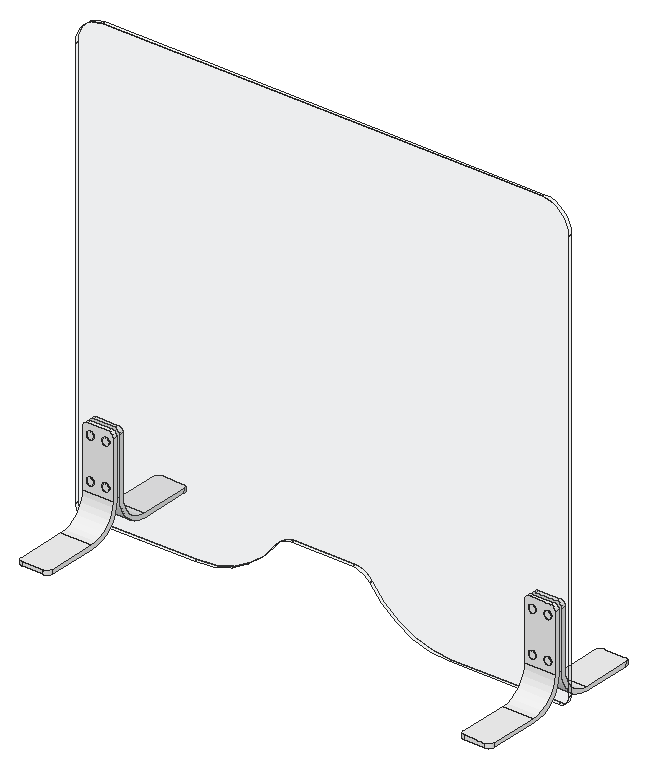
Revit family "Clarus_beShield_Freestanding_R20", category Furniture, host Face, Revit 2020
Family settings
  Host = Face
  Cut with Voids When Loaded = No
  Shared = No
  Room Calculation Point = No
Parameters (values of type "48" x 44"")
  Window [instance] = yes
  Width = 48"
  URL = "https://www.clarus.com/"
  TRC Standards [instance] = "http://therevitcollection.com/news/trc-news-the-revit-collection-standards-explained/"
  Shield [instance] = not(Window)  # no
  Product URL = "https://www.clarus.com/be-shield/"
  More Revit Families! [instance] = "www.therevitcollection.com"
  Modeled By = "Commense Studio"  # constant formula
  Model = "be! Shield"  # constant formula
  Manufacturer = "Clarus"  # constant formula
  Leg Finish [instance] = Clarus White
  Glass Depth = 3/8"
  Clarus Glass [instance] = Glass
  Description = "be! Shield is elegantly engineered to add a seamless layer of non-porous, antimicrobial tempered glass to ensure the health and safety of patrons and employees. It’s the perfect solution for the collaborative needs of your workspace."  # constant formula
  Height = 44"
  Designer = ""
  Depth = 17"
  Default Elevation = 0"
  Assembly Code = ""
Types (7): name | Width | Leg Finish | Height | Depth
  (no name) | 48" | Clarus White | 44" | 17"
  36" x 24" | 36" | Clarus Black | 24" | 12"
  48" x 24" | 48" | Clarus White | 24" | 12"
  36" x 34" | 36" | Clarus White | 34" | 12"
  48" x 34" | 48" | Clarus Black | 34" | 12"
  36" x 44" | 36" | Clarus Black | 44" | 17"
  48" x 44" | 48" | Clarus White | 44" | 17"
Reference planes (in)
  plane 1 "Center (Front/Back)": y = 0
  plane 2: z = 0
  plane 3 "Center (Left/Right)": x = 0
  plane 4 "L": x = -24
  plane 5 "R": x = 24
  plane 6 "B": y = 0.1875
  plane 7 "F": y = -0.1875
  plane 8: z = 44
  plane 9: x = 12.5
  plane 10: x = -12.5
  plane 11: z = 5.25
  plane 12: x = -21.5
  plane 13: x = 21.5
Forms (in)
  Extrusion 1, solid, material "Glass" <- "Clarus Glass", visible <- "Window"
    sketch origin (0, 0, 0) x (1, 0, 0) y (0, 0, 1)
      loop
        arc (-21.375, 44) -> (-23.23116, 43.23116) -> (-24, 41.375) r 2.625
        line (-24, 41.375) -> (-24, 1.25)
        arc (-24, 1.25) -> (-23.70711, 0.54289) -> (-23, 0.25) r 1
        line (-23, 0.25) -> (-12.42908, 0.25)
        arc (-12.42908, 0.25) -> (-7.99968, 1.34581) -> (-4.59213, 4.38043) r 9.5
        arc (-4.59213, 4.38043) -> (-3.87475, 5.0193) -> (-2.94225, 5.25) r 2
        line (-2.94225, 5.25) -> (2.94225, 5.25)
        arc (2.94225, 5.25) -> (3.87475, 5.0193) -> (4.59213, 4.38043) r 2
        arc (4.59213, 4.38043) -> (7.99968, 1.34581) -> (12.42908, 0.25) r 9.5
        line (12.42908, 0.25) -> (23, 0.25)
        arc (23, 0.25) -> (23.70711, 0.54289) -> (24, 1.25) r 1
        line (24, 1.25) -> (24, 41.375)
        arc (24, 41.375) -> (23.23116, 43.23116) -> (21.375, 44) r 2.625
        line (21.375, 44) -> (-21.375, 44)
    from -0.1875 to 0.1875
  Extrusion 2, solid, material "Glass" <- "Clarus Glass", visible <- "Shield"
    sketch origin (0, 0, 0) x (1, 0, 0) y (0, 0, 1)
      loop
        arc (-21.375, 44) -> (-23.23116, 43.23116) -> (-24, 41.375) r 2.625
        line (-24, 41.375) -> (-24, 1.25)
        arc (-24, 1.25) -> (-23.70711, 0.54289) -> (-23, 0.25) r 1
        line (-23, 0.25) -> (23, 0.25)
        arc (23, 0.25) -> (23.70711, 0.54289) -> (24, 1.25) r 1
        line (24, 1.25) -> (24, 41.375)
        arc (24, 41.375) -> (23.23116, 43.23116) -> (21.375, 44) r 2.625
        line (21.375, 44) -> (-21.375, 44)
    from -0.1875 to 0.1875
Dimensions and locks (in)
  equal spacing: plane 4 "L", plane 3 "Center (Left/Right)", plane 5 "R"
  "Width": plane 4 "L" to plane 5 "R"
  equal spacing: plane 7 "F", plane 1 "Center (Front/Back)", plane 6 "B"
  "Glass Depth": plane 7 "F" to plane 6 "B"
  "Height": plane 8 to level
  plane 10 to plane 3 "Center (Left/Right)" to plane 9 = 12 1/2", 12 1/2"
  plane 11 to level = 5 1/4"
  locked: plane 4 "L" to plane 12 at 2.5
  locked: plane 13 to plane 5 "R" at 2.5
  aligned and locked: plane 2 to host face
  aligned and locked: level to host face
  aligned and locked: Extrusion 1 sketch curve to plane 11
  aligned and locked: Extrusion 1 to plane 6 "B"
  aligned and locked: plane 7 "F" to Extrusion 1
  aligned and locked: nested 1 to plane 12
  aligned and locked: plane 13 to nested 2
  aligned and locked: plane 4 "L" to Extrusion 2 sketch curve
  aligned and locked: Extrusion 2 sketch curve to plane 5 "R"
  aligned and locked: Extrusion 2 sketch curve to plane 8
Automatic sketch dimensions
  host sketch curve to host sketch curve = 96"  (x2)
  Extrusion 1 sketch curve to plane 4 "L" = 0"
  Extrusion 1 sketch curve to plane 8 = 0"
  Extrusion 1 sketch curve to plane 5 "R" = 0"
  level to Extrusion 1 sketch curve = 1/4"  (x2)
  plane 4 "L" to Extrusion 1 sketch curve = 1"
  plane 4 "L" to Extrusion 1 sketch curve = 2 5/8"
  Extrusion 1 sketch curve to plane 3 "Center (Left/Right)" = 2.94225"
  plane 3 "Center (Left/Right)" to Extrusion 1 sketch curve = 2.94225"
  Extrusion 1 sketch curve to plane 9 = 0.07092"
  Extrusion 1 sketch curve to Extrusion 1 sketch curve = 2 5/8"
  Extrusion 1 sketch curve to plane 5 "R" = 1"
  Extrusion 1 sketch curve to plane 11 = 2"  (x2)
  plane 11 to Extrusion 1 sketch curve = 4 1/2"  (x2)
  Extrusion 1 sketch curve to plane 10 = 0.07092"
  level to Extrusion 2 sketch curve = 1/4"
  plane 4 "L" to Extrusion 2 sketch curve = 1"
  Extrusion 2 sketch curve to plane 12 = 1/8"
  Extrusion 2 sketch curve to plane 13 = 1/8"
  Extrusion 2 sketch curve to Extrusion 2 sketch curve = 1"
Nested families (in)
  nested 1: "Clarus_beShield_F&B_R18" at (-21.5, 0.5625, 0), Core Finish <- "Leg Finish", type "Front & Back 12""
    with TRC Standards "http://therevitcollection.com/news/trc-news-the-revit-collection-standards-explained/", More Revit Families! "www.therevitcollection.com", Core Finish Clarus White, D Control 8 1/2", Depth 17"
  nested 2: "Clarus_beShield_F&B_R18" at (21.5, 0.5625, 0), Core Finish <- "Leg Finish", type "Front & Back 12""
    with TRC Standards "http://therevitcollection.com/news/trc-news-the-revit-collection-standards-explained/", More Revit Families! "www.therevitcollection.com", Core Finish Clarus White, D Control 8 1/2", Depth 17"
Definition of nested family "Clarus_beShield_F&B_R18"
  Parameters (values of type "Front & Back 12"")
    Width = 3"  # constant formula
    URL = "https://www.clarus.com/"
    TRC Standards [instance] = "http://therevitcollection.com/news/trc-news-the-revit-collection-standards-explained/"
    Product URL = "https://www.clarus.com/be-shield/"
    More Revit Families! [instance] = "www.therevitcollection.com"
    Modeled By = "Commense Studio"  # constant formula
    Model = "be! Shield"  # constant formula
    Manufacturer = "Clarus"  # constant formula
    D Control = Depth / 2  # 6"
    Core Finish [instance] = none
    Description = "be! Shield Leg Configs"  # constant formula
    Height = 9"  # constant formula
    Designer = ""
    Depth = 12"
    Default Elevation = 0"
    Assembly Code = ""
  Reference planes (in)
    plane 1 "Center (Front/Back)": y = 0
    plane 2: z = 0
    plane 3 "Center (Left/Right)": x = 0
    plane 4 "L": x = -1.5
    plane 5 "R": x = 1.5
    plane 6: z = 9
    plane 7: y = -0.375
    plane 8: y = -0.75
    plane 9: y = 5.4375
    plane 10 "cl": y = -0.5625
    plane 11: y = -6.5625
    plane 12: y = -1.125
  Forms (in)
    Extrusion 1, solid
      sketch origin (0, 0, 0) x (1, 0, 0) y (0, 1, 0)
        loop
          line (-48, 48) -> (-48, -48) -> (48, -48) -> (48, 48) -> (-48, 48)
      from 0 to -12
    Extrusion 2, solid, material <- "Core Finish"
      sketch origin (0, -0.75984, 0) x (1, 0, 0) y (0, 0, 1)
        loop
          arc (-1, 9) -> (-1.35355, 8.85355) -> (-1.5, 8.5) r 0.5
          line (-1.5, 8.5) -> (-1.5, 3.00001) -> (1.5, 3.00001) -> (1.5, 8.5)
          arc (1.5, 8.5) -> (1.35355, 8.85355) -> (1, 9) r 0.5
          line (1, 9) -> (-1, 9)
      from -0.00984 to 0.36516
    Extrusion 3, void
      sketch origin (0, 0, 0) x (1, 0, 0) y (0, 0, 1)
        loop
          circle (-0.75197, 8.00344) r 0.37503
        loop
          circle (-0.75197, 8.00344) r 0.34378
        loop
          circle (0.75197, 8.00344) r 0.37503
        loop
          circle (0.75197, 8.00344) r 0.34378
        loop
          circle (-0.75197, 4.00344) r 0.37503
        loop
          circle (-0.75197, 4.00344) r 0.34378
        loop
          circle (0.75197, 4.00344) r 0.37503
        loop
          circle (0.75197, 4.00344) r 0.34378
      from 0 to 2
    Extrusion 4, solid, material <- "Core Finish"
      sketch origin (10.61611, 0, 0) x (0, 0, 1) y (0, -1, 0)
        loop
          line (0.375, 3.75) -> (0.375, 6.5625) -> (0, 6.5625) -> (0, 3.75)
          arc (0, 3.75) -> (0.87868, 1.62868) -> (3, 0.75) r 3
          line (3, 0.75) -> (3, 1.125)
          arc (3, 1.125) -> (1.14385, 1.89384) -> (0.375, 3.75) r 2.625
        loop
          arc (0.375, -2.625) -> (1.14385, -0.76884) -> (3, 0) r 2.625
          line (3, 0) -> (3, 0.375)
          arc (3, 0.375) -> (0.87868, -0.50368) -> (0, -2.625) r 3
          line (0, -2.625) -> (0, -5.4375) -> (0.375, -5.4375) -> (0.375, -2.625)
      from -12.11611 to -9.11611
    Extrusion 5, solid, material <- "Core Finish"
      sketch origin (0, -0.75984, 0) x (1, 0, 0) y (0, 0, 1)
        loop
          arc (-1, 9) -> (-1.35355, 8.85355) -> (-1.5, 8.5) r 0.5
          line (-1.5, 8.5) -> (-1.5, 3.00001) -> (1.5, 3.00001) -> (1.5, 8.5)
          arc (1.5, 8.5) -> (1.35355, 8.85355) -> (1, 9) r 0.5
          line (1, 9) -> (-1, 9)
      from -0.75984 to -0.38484
    Extrusion 6, void
      sketch origin (0, 11.80266, 0) x (1, 0, 0) y (0, 1, 0)
        loop
          line (-1, -6.36516) -> (-1.5, -6.36516) -> (-1.5, -6.86516)
          arc (-1.5, -6.86516) -> (-1.35355, -6.5116) -> (-1, -6.36516) r 0.5
        loop
          arc (1, -6.36516) -> (1.35355, -6.5116) -> (1.5, -6.86516) r 0.5
          line (1.5, -6.86516) -> (1.5, -6.36516) -> (1, -6.36516)
        loop
          arc (-1, -18.36516) -> (-1.35355, -18.21871) -> (-1.5, -17.86516) r 0.5
          line (-1.5, -17.86516) -> (-1.5, -18.36516) -> (-1, -18.36516)
        loop
          line (1, -18.36516) -> (1.5, -18.36516) -> (1.5, -17.86516)
          arc (1.5, -17.86516) -> (1.35355, -18.21871) -> (1, -18.36516) r 0.5
      from 0 to 0.5
  Cuts and joins
    Extrusion 3 cuts Extrusion 2
    Extrusion 6 cuts Extrusion 4
    Extrusion 3 cuts Extrusion 5
    joined: Extrusion 2, Extrusion 4, Extrusion 5
  Dimensions and locks (in)
    equal spacing: plane 4 "L", plane 3 "Center (Left/Right)", plane 5 "R"
    "Width": plane 4 "L" to plane 5 "R"
    "Height": plane 6 to level
    plane 8 to plane 7 to plane 1 "Center (Front/Back)" = 3/8" locked, 3/8"
    "D Control": plane 10 "cl" to plane 9
    "D Control": plane 10 "cl" to plane 11
    aligned and locked: plane 2 to Extrusion 1
    aligned and locked: level to Extrusion 1
    aligned and locked: Extrusion 5 to plane 1 "Center (Front/Back)"
    aligned and locked: plane 7 to Extrusion 5
    aligned and locked: cut or joined group of Extrusion 2, Extrusion 3, Extrusion 4, Extrusion 5, Extrusion 6 to plane 8
    aligned and locked: plane 12 to cut or joined group of Extrusion 2, Extrusion 3, Extrusion 4, Extrusion 5, Extrusion 6
  Automatic sketch dimensions
    Extrusion 1 sketch curve to Extrusion 1 sketch curve = 96"  (x2)
    Extrusion 2 sketch curve to plane 4 "L" = 0"
    Extrusion 2 sketch curve to plane 6 = 0"
    Extrusion 2 sketch curve to plane 5 "R" = 0"
    plane 4 "L" to Extrusion 2 sketch curve = 1/2"
    Extrusion 2 sketch curve to plane 5 "R" = 1/2"
    level to Extrusion 2 sketch curve = 3"
    Extrusion 3 sketch curve to Extrusion 3 sketch curve = 0"  (x9)
    plane 4 "L" to Extrusion 3 sketch curve = 0.74803"  (x2)
    Extrusion 3 sketch curve to plane 5 "R" = 0.74803"  (x2)
    level to Extrusion 3 sketch curve = 4.00344"
    Extrusion 3 sketch curve to plane 6 = 0.99656"  (x2)
    Extrusion 4 sketch curve to plane 9 = 0"
    Extrusion 4 sketch curve to plane 11 = 0"
    Extrusion 4 sketch curve to plane 12 = 0"
    Extrusion 4 sketch curve to plane 1 "Center (Front/Back)" = 0"
    level to Extrusion 4 sketch curve = 0"  (x2)
    Extrusion 4 sketch curve to Extrusion 4 sketch curve = 3/8"  (x2)
    level to Extrusion 4 sketch curve = 3"
    Extrusion 4 sketch curve to Extrusion 4 sketch curve = 2 5/8"
    Extrusion 4 sketch curve to plane 1 "Center (Front/Back)" = 2 5/8"
    Extrusion 4 sketch curve to Extrusion 4 sketch curve = 0"  (x4)
    plane 8 to Extrusion 4 sketch curve = 0"
    Extrusion 5 sketch curve to plane 4 "L" = 0"
    Extrusion 5 sketch curve to plane 6 = 0"
    Extrusion 5 sketch curve to plane 5 "R" = 0"
    plane 4 "L" to Extrusion 5 sketch curve = 1/2"
    Extrusion 5 sketch curve to plane 5 "R" = 1/2"
    level to Extrusion 5 sketch curve = 3"
    Extrusion 6 sketch curve to plane 4 "L" = 0"  (x4)
    plane 9 to Extrusion 6 sketch curve = 0"  (x2)
    Extrusion 6 sketch curve to plane 11 = 0"  (x2)
    Extrusion 6 sketch curve to plane 5 "R" = 0"  (x4)
    plane 4 "L" to Extrusion 6 sketch curve = 1/2"  (x2)
    Extrusion 6 sketch curve to Extrusion 6 sketch curve = 1/2"  (x2)
    Extrusion 6 sketch curve to Extrusion 6 sketch curve = 0"  (x8)
    radius of Extrusion 3 sketch curve = 0.37503"  (x4)
    radius of Extrusion 3 sketch curve = 0.34378"  (x4)
